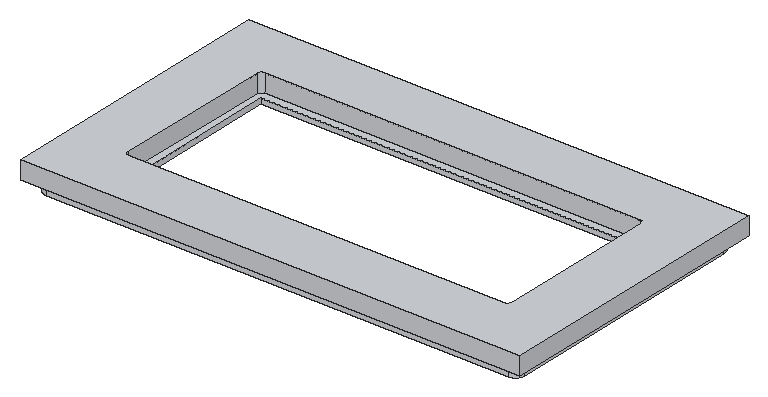
Revit family "Gira_1002219", category Electrical Fixtures, host Face, Revit 2017
Family settings
  Host = Face
  Maintain Annotation Orientation = No
  Round Connector Dimension = Use Diameter
  Part Type = Normal
  Cut with Voids When Loaded = No
  Shared = No
  Room Calculation Point = No
Parameters (values of type "Cov.fr. 2-g w/o cb Gira Esprit stainl.steel")
  With mounting grid = "No"
  With hinged lid = "No"
  URL = "http://katalog.gira.de/en/datenblatt.html?artikelnr=1002219"
  Type of fastening = "Clamp mounting"
  Transparent = "No"
  Surface protection = "Other"
  Suitable for wall duct = "No"
  Suitable for flush-mounted installation = "Yes"
  Suitable for floor box = "No"
  Suitable for built-in installation = "No"
  Number of units vertical = "2"
  Number of units horizontal = "2"
  Number of units = "2"
  Name = "Cov.fr. 2-g w/o cb Gira Esprit stainl.steel"
  Mounting direction = "Horizontal and vertical"
  Material quality = "Stainless steel"
  Material = "Metal"
  Manufacturer URL = "https://www.gira.de/"
  Manufacturer = "Gira"
  Label space/information surface = "No"
  Keynote = ""
  HeinzeBIM = "https://bimportal.heinze.de/bim/cov-fr-2-g-w-o-cb-gira-esprit-stainl-steel/cd428551c13b0bda738af1ff2c5044f5ffa602ab"
  Halogen free = "No"
  HAN = "1002219"
  GTIN = "4010337015802"
  Description = "Cov.fr.2g w o cb Espr. SST,Gira Esprit cover frame,Stainless steel,2-gang without crossbar,Features:,- Brushed stainless steel."
  Degree of protection (IP) = "IP20"
  Default Elevation = 1219.2 mm
  Data sheet (1) = "https://katalog.gira.de/en/download.html?artikelnr=1002219"
  Colour = "Stainless steel"
  Category = "Cover frame for domestic switching devices"
  BIM (1) = "https://media.stage.bim.site/public/gira/36a6b08/Espr._Rahmen_2fach o.Mittelsteg.rfa?public/gira/36a6b08/Espr._Rahmen_2fach o.Mittelsteg.rfa"
  Available = "No"
Reference planes
  plane 1 "Center (Front/Back)": y = 0
  plane 2: z = 0
  plane 3 "Center (Left/Right)": x = 0
Forms (mm)
  Extrusion 1, solid, detail levels fine
    sketch origin (0, 0, 0) x (1, 0, 0) y (0, 1, 0)
      loop
        line (-83, 47.5) -> (-83, -47.5) -> (83, -47.5) -> (83, 47.5) -> (-83, 47.5)
      loop
        arc (-63.75, -26.7) -> (-63.311, -27.761) -> (-62.25, -28.2) r 1.5
        line (-62.25, -28.2) -> (62.25, -28.2)
        arc (62.25, -28.2) -> (63.311, -27.761) -> (63.75, -26.7) r 1.5
        line (63.75, -26.7) -> (63.75, 26.7)
        arc (63.75, 26.7) -> (63.311, 27.761) -> (62.25, 28.2) r 1.5
        line (62.25, 28.2) -> (-62.25, 28.2)
        arc (-62.25, 28.2) -> (-63.311, 27.761) -> (-63.75, 26.7) r 1.5
        line (-63.75, 26.7) -> (-63.75, -26.7)
    from 0 to 6
  Extrusion 2, solid, detail levels fine
    sketch origin (0, 0, 0) x (1, 0, 0) y (0, 1, 0)
      loop
        line (-61.518, -25.7) -> (61.45, -25.7) -> (61.45, 25.7) -> (-61.518, 25.7) -> (-61.518, -25.7)
      loop
        arc (-78.55, -41.3) -> (-78.023, -42.573) -> (-76.75, -43.1) r 1.8
        line (-76.75, -43.1) -> (77.95, -43.1)
        arc (77.95, -43.1) -> (79.223, -42.573) -> (79.75, -41.3) r 1.8
        line (79.75, -41.3) -> (79.75, 41.3)
        arc (79.75, 41.3) -> (79.223, 42.573) -> (77.95, 43.1) r 1.8
        line (77.95, 43.1) -> (-76.75, 43.1)
        arc (-76.75, 43.1) -> (-78.023, 42.573) -> (-78.55, 41.3) r 1.8
        line (-78.55, 41.3) -> (-78.55, -41.3)
    from -1.9 to 0
  Extrusion 3, solid, detail levels fine
    sketch origin (0, 0, 0) x (1, 0, 0) y (0, 1, 0)
      loop
        arc (-76.75, 44.4) -> (-78.871, 43.521) -> (-79.75, 41.4) r 3
        line (-79.75, 41.4) -> (-79.75, -41.4)
        arc (-79.75, -41.4) -> (-78.871, -43.521) -> (-76.75, -44.4) r 3
        line (-76.75, -44.4) -> (76.75, -44.4)
        arc (76.75, -44.4) -> (78.871, -43.521) -> (79.75, -41.4) r 3
        line (79.75, -41.4) -> (79.75, 41.4)
        arc (79.75, 41.4) -> (78.871, 43.521) -> (76.75, 44.4) r 3
        line (76.75, 44.4) -> (-76.75, 44.4)
      loop
        arc (-78.55, -41.4) -> (-78.023, -42.673) -> (-76.75, -43.2) r 1.8
        line (-76.75, -43.2) -> (76.75, -43.2)
        arc (76.75, -43.2) -> (78.023, -42.673) -> (78.55, -41.4) r 1.8
        line (78.55, -41.4) -> (78.55, 41.4)
        arc (78.55, 41.4) -> (78.023, 42.673) -> (76.75, 43.2) r 1.8
        line (76.75, 43.2) -> (-76.75, 43.2)
        arc (-76.75, 43.2) -> (-78.023, 42.673) -> (-78.55, 41.4) r 1.8
        line (-78.55, 41.4) -> (-78.55, -41.4)
    from -3.7 to 0
  Extrusion 4, solid, detail levels medium
    sketch origin (0, 0, 0) x (1, 0, 0) y (0, 1, 0)
      loop
        line (-83, 47.5) -> (-83, -47.5) -> (83, -47.5) -> (83, 47.5) -> (-83, 47.5)
    from 0 to 6
  Extrusion 5, solid, detail levels medium
    sketch origin (0, 0, 0) x (1, 0, 0) y (0, 1, 0)
      loop
        line (-79.75, 44.4) -> (-79.75, -44.4) -> (79.75, -44.4) -> (79.75, 44.4) -> (-79.75, 44.4)
    from -3.7 to 0
  Extrusion 6, solid, detail levels coarse
    sketch origin (0, 0, 0) x (1, 0, 0) y (0, 1, 0)
      loop
        line (-83, 47.5) -> (-83, -47.5) -> (83, -47.5) -> (83, 47.5) -> (-83, 47.5)
    from -3.7 to 6
Dimensions and locks
  aligned and locked: plane 2 to host face
  aligned and locked: level to host face
